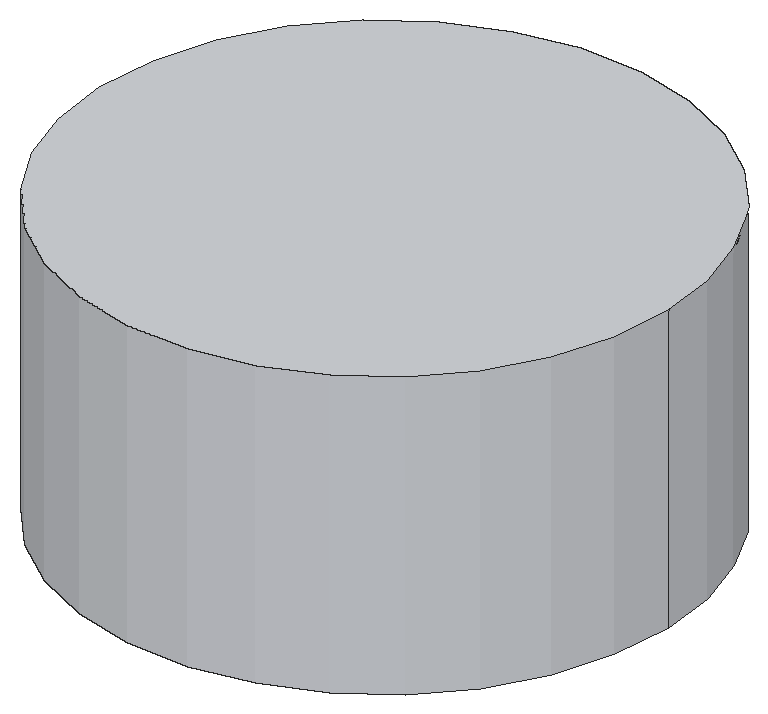
Revit family "07111600-0002", category Generic Models, Revit 2020
Family settings
  Can host rebar = No
  Round Connector Dimension = Use Diameter
  Part Type = Normal
  Work Plane-Based = No
  Always vertical = Yes
  Cut with Voids When Loaded = No
  Shared = No
  Room Calculation Point = No
Parameters (values of type "Standard")
  URL = "https://www.rustfriebergh.no/produkter/kj-lte-arbeidsbord/dobbel-gjennomgaende-kj-lt-arbeidsbord-rbe-gd-koldjomfru/"
  Model = "07111600-0002"
  Manufacturer = "RUSTFRIEBERGH A/S"
  Description = "RBE-1600-GD"
  Default Elevation = 0 mm
Reference planes
  plane 1 "Center (Front/Back)": y = 0
  plane 2: z = 0
  plane 3 "Center (Left/Right)": x = 0
Forms (mm)
  Extrusion 1, solid
    sketch origin (-226.5, 505, 0) x (1, 0, 0) y (0, 1, 0)
      loop
        circle (0, 0) r 3.048
    from 0 to -3.048
Dimensions and locks
  aligned and locked: level to plane 2
Connectors
  electrical at (-226.5, 505, 0)
    settings: on Extrusion 1, index 1, voltage 230 V, apparent load 520 VA, apparent load phase1 0 VA, apparent load phase2 0 VA, apparent load phase3 0 VA, power factor 0, load classification "Other", number of poles 1, system type 30, power factor state 1, is connector primary yes, connector utility no, sub classification motor no, connector description "Rubber cable with socket"
